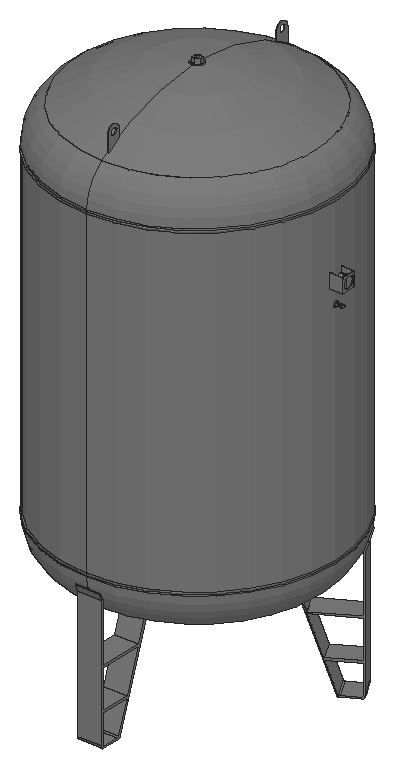
Revit family "MIT-4000-ET (Vertical)", category Specialty Equipment, Revit 2022
Family settings
  Round Connector Dimension = Use Diameter
  Part Type = Normal
  Work Plane-Based = No
  Always vertical = Yes
  Cut with Voids When Loaded = No
  Maintain Annotation Orientation = No
  Shared = No
  Room Calculation Point = No
Parameters
  URL = "https://en.ekinendustriyel.com/expansion-tanks"
  Test Pressure = 15.0 bar
  Production Standard = "TS EN 13831"
  Precharge Pressure = 4.0 bar
  Operating Pressure = 10.0 bar
  Model = "MIT-4000-ET_(Vertical)"
  Manufacturer = "Ekin Endüstriyel"
  Keynote = "Expension Tank"
  Description = "MIT-Expension Tank"
  Default Elevation = 0 mm
Reference planes
  plane 1 "Center (Front/Back)": y = 0
  plane 2: z = 0
  plane 3 "Center (Left/Right)": x = 0
Forms (mm)
  Revolve 1, solid, material "Ekin Endustriyel-S235JR", detail levels medium+fine
    sketch origin (0, -5374.015, 98.319) x (0, 1, 0) y (0, 0, 1)
      loop
        line (5374.015, 319.254) -> (5466.97, 319.254)
        arc (5466.97, 319.254) -> (5494.028, 327.937) -> (5516.946, 344.74) r 88.604
        arc (5516.946, 344.74) -> (5778.496, 409.027) -> (6018.966, 530.336) r 1193.216
        arc (6018.966, 530.336) -> (6096.091, 614.319) -> (6124.038, 724.865) r 232.61
        line (6124.038, 724.865) -> (6124.038, 733.527)
        arc (6124.038, 733.527) -> (6127.652, 739.16) -> (6124.038, 744.792) r 6.196
        line (6124.038, 744.792) -> (6124.038, 2492.579)
        arc (6124.038, 2492.579) -> (6127.692, 2498.214) -> (6124.015, 2503.834) r 6.153
        line (6124.015, 2503.834) -> (6124.015, 2513.085)
        arc (6124.015, 2513.085) -> (6096.919, 2621.39) -> (6022.016, 2704.177) r 230
        arc (6022.016, 2704.177) -> (5729.719, 2845.891) -> (5409.781, 2902.102) r 1174.284
        line (5409.781, 2902.102) -> (5374.015, 2902.102) -> (5374.015, 2897.102) -> (5409.693, 2897.102)
        arc (5409.693, 2897.102) -> (5728.223, 2841.12) -> (6019.233, 2700.022) r 1169.284
        arc (6019.233, 2700.022) -> (6092.508, 2619.036) -> (6119.015, 2513.085) r 225
        line (6119.015, 2513.085) -> (6119.038, 724.865)
        arc (6119.038, 724.865) -> (6091.692, 616.695) -> (6016.224, 534.517) r 227.61
        arc (6016.224, 534.517) -> (5775.939, 413.412) -> (5514.567, 349.477) r 1188.216
        arc (5514.567, 349.477) -> (5492.679, 332.869) -> (5466.59, 324.254) r 83.604
        line (5466.59, 324.254) -> (5374.015, 324.254) -> (5374.015, 319.254)
      axis (5374.015, 319.254) -> (5374.015, 2902.102)
    angle from 0 to 360
  Extrusion 2, solid, material "Ekin Endustriyel-S235JR", detail levels coarse
    sketch origin (11621.66, -11048.976, 122.286) x (0, 1, 0) y (-1, 0, 0)
      loop
        circle (11048.976, 11621.66) r 755
    from 294.12 to 2878.136
  Extrusion 3, solid, material "Ekin Endustriyel-S235JR", detail levels fine
    sketch origin (2829.671, -4386.055, 414.431) x (0, 1, 0) y (0, 0, 1)
      loop
        line (4993.327, 2414.172) -> (4993.327, 2499.448)
        arc (4993.327, 2499.448) -> (4958.327, 2534.448) -> (4923.327, 2499.448) r 35
        line (4923.327, 2499.448) -> (4923.327, 2453.619)
        arc (4923.327, 2453.619) -> (4958.74, 2434.628) -> (4993.327, 2414.172) r 959.948
      loop
        circle (4958.327, 2499.448) r 20
      loop
        arc (3778.782, 2414.172) -> (3813.369, 2434.628) -> (3848.782, 2453.619) r 959.948
        line (3848.782, 2453.619) -> (3848.782, 2499.448)
        arc (3848.782, 2499.448) -> (3813.782, 2534.448) -> (3778.782, 2499.448) r 35
        line (3778.782, 2499.448) -> (3778.782, 2414.172)
      loop
        circle (3813.782, 2499.448) r 20
    from -2832.171 to -2827.171
  Extrusion 4, solid, material "Ekin Endustriyel-S235JR", detail levels medium+fine
    sketch origin (2.097, -50.747, 0) x (-0.866025, 0.5, 0) y (0, 0, 1)
      loop
        line (757.19, 725) -> (774.095, 761.252) -> (768.657, 763.788) -> (751.19, 726.33) -> (751.19, 402) -> (505.116, 402) -> (466.188, 515.056)
        arc (466.188, 515.056) -> (463.145, 518.495) -> (458.561, 518.776) r 6
        line (458.561, 518.776) -> (430.196, 509.009) -> (432.149, 503.336) -> (454.841, 511.149)
        arc (454.841, 511.149) -> (459.425, 510.869) -> (462.468, 507.43) r 6
        line (462.468, 507.43) -> (633.707, 10.116)
        arc (633.707, 10.116) -> (639.179, 2.788) -> (647.889, 0) r 15
        line (647.889, 0) -> (742.19, 0)
        arc (742.19, 0) -> (752.797, 4.393) -> (757.19, 15) r 15
        line (757.19, 15) -> (757.19, 725)
      loop
        arc (742.19, 6) -> (748.554, 8.636) -> (751.19, 15) r 9
        line (751.19, 15) -> (751.19, 176) -> (582.934, 176) -> (639.38, 12.07)
        arc (639.38, 12.07) -> (642.663, 7.673) -> (647.889, 6) r 9
        line (647.889, 6) -> (742.19, 6)
      loop
        line (507.182, 396) -> (580.524, 183) -> (751.19, 183) -> (751.19, 396) -> (507.182, 396)
    from -22.1 to 107.9
  Extrusion 5, solid, material "Ekin Endustriyel-S235JR", detail levels medium+fine
    sketch origin (2.097, -50.747, 0) x (0, -1, 0) y (0, 0, 1)
      loop
        line (696.158, 761.252) -> (690.72, 763.788) -> (673.253, 726.33) -> (673.253, 402) -> (427.179, 402) -> (388.251, 515.056)
        arc (388.251, 515.056) -> (385.208, 518.495) -> (380.624, 518.776) r 6
        line (380.624, 518.776) -> (352.259, 509.009) -> (354.212, 503.336) -> (376.904, 511.149)
        arc (376.904, 511.149) -> (381.488, 510.869) -> (384.531, 507.43) r 6
        line (384.531, 507.43) -> (555.77, 10.116)
        arc (555.77, 10.116) -> (561.242, 2.788) -> (569.952, 0) r 15
        line (569.952, 0) -> (664.253, 0)
        arc (664.253, 0) -> (674.86, 4.393) -> (679.253, 15) r 15
        line (679.253, 15) -> (679.253, 725) -> (696.158, 761.252)
      loop
        arc (664.253, 6) -> (670.617, 8.636) -> (673.253, 15) r 9
        line (673.253, 15) -> (673.253, 176) -> (504.997, 176) -> (561.443, 12.07)
        arc (561.443, 12.07) -> (564.726, 7.673) -> (569.952, 6) r 9
        line (569.952, 6) -> (664.253, 6)
      loop
        line (429.245, 396) -> (502.587, 183) -> (673.253, 183) -> (673.253, 396) -> (429.245, 396)
    from -62.903 to 67.097
  Extrusion 6, solid, material "Ekin Endustriyel-S235JR", detail levels medium+fine
    sketch origin (2.097, -50.747, 0) x (0.866025, 0.5, 0) y (0, 0, 1)
      loop
        line (770.462, 761.252) -> (765.024, 763.788) -> (747.557, 726.33) -> (747.557, 402) -> (501.483, 402) -> (462.555, 515.056)
        arc (462.555, 515.056) -> (459.512, 518.495) -> (454.928, 518.776) r 6
        line (454.928, 518.776) -> (426.563, 509.009) -> (428.516, 503.336) -> (451.209, 511.149)
        arc (451.209, 511.149) -> (455.792, 510.869) -> (458.835, 507.43) r 6
        line (458.835, 507.43) -> (630.074, 10.116)
        arc (630.074, 10.116) -> (635.546, 2.788) -> (644.256, 0) r 15
        line (644.256, 0) -> (738.557, 0)
        arc (738.557, 0) -> (749.164, 4.393) -> (753.557, 15) r 15
        line (753.557, 15) -> (753.557, 725) -> (770.462, 761.252)
      loop
        arc (738.557, 6) -> (744.921, 8.636) -> (747.557, 15) r 9
        line (747.557, 15) -> (747.557, 176) -> (579.301, 176) -> (635.747, 12.07)
        arc (635.747, 12.07) -> (639.03, 7.673) -> (644.256, 6) r 9
        line (644.256, 6) -> (738.557, 6)
      loop
        line (576.891, 183) -> (747.557, 183) -> (747.557, 396) -> (503.549, 396) -> (576.891, 183)
    from -109.997 to 20.003
  Extrusion 7, solid, material "Ekin Endustriyel-S235JR", detail levels coarse
    sketch origin (2.097, -50.747, 0) x (-0.866025, 0.5, 0) y (0, 0, 1)
      loop
        line (757.19, 416.406) -> (493.81, 416.406) -> (633.707, 10.116)
        arc (633.707, 10.116) -> (639.179, 2.788) -> (647.889, 0) r 15
        line (647.889, 0) -> (742.19, 0)
        arc (742.19, 0) -> (752.797, 4.393) -> (757.19, 15) r 15
        line (757.19, 15) -> (757.19, 416.406)
    from -22.1 to 107.9
  Extrusion 8, solid, material "Ekin Endustriyel-S235JR", detail levels coarse
    sketch origin (2.097, -50.747, 0) x (0, -1, 0) y (0, 0, 1)
      loop
        line (679.253, 416.406) -> (415.873, 416.406) -> (555.77, 10.116)
        arc (555.77, 10.116) -> (561.242, 2.788) -> (569.952, 0) r 15
        line (569.952, 0) -> (664.253, 0)
        arc (664.253, 0) -> (674.86, 4.393) -> (679.253, 15) r 15
        line (679.253, 15) -> (679.253, 416.406)
    from -62.903 to 67.097
  Extrusion 9, solid, material "Ekin Endustriyel-S235JR", detail levels coarse
    sketch origin (2.097, -50.747, 0) x (0.866025, 0.5, 0) y (0, 0, 1)
      loop
        line (753.557, 416.406) -> (490.177, 416.406) -> (630.074, 10.116)
        arc (630.074, 10.116) -> (635.546, 2.788) -> (644.256, 0) r 15
        line (644.256, 0) -> (738.557, 0)
        arc (738.557, 0) -> (749.164, 4.393) -> (753.557, 15) r 15
        line (753.557, 15) -> (753.557, 416.406)
    from -109.997 to 20.003
  Extrusion 10, solid, material "Ekin Endustriyel-S235JR", detail levels coarse
    sketch origin (522.14, -0.358, 1412) x (1, 0, 0) y (0, 1, 0)
      loop
        line (226.508, -39.142) -> (298.922, -39.142) -> (298.922, 39.858) -> (226.683, 39.858)
        arc (226.683, 39.858) -> (229.034, 19.99) -> (229.819, 0) r 254.819
        arc (229.819, 0) -> (228.99, -19.641) -> (226.508, -39.142) r 233
    from 767.5 to 842.5
  Extrusion 11, solid, material "Ekin Endustriyel-S235JR", detail levels medium+fine
    sketch origin (522.14, -0.358, 1412) x (1, 0, 0) y (0, 1, 0)
      loop
        line (296.322, 39.858) -> (226.683, 39.858)
        arc (226.683, 39.858) -> (226.839, 38.858) -> (226.992, 37.858) r 254.819
        line (226.992, 37.858) -> (296.322, 37.858)
        arc (296.322, 37.858) -> (296.747, 37.682) -> (296.922, 37.258) r 0.6
        line (296.922, 37.258) -> (296.922, -36.542)
        arc (296.922, -36.542) -> (296.747, -36.967) -> (296.322, -37.142) r 0.6
        line (296.322, -37.142) -> (227.098, -37.142)
        arc (227.098, -37.142) -> (226.949, -38.143) -> (226.795, -39.142) r 254.819
        line (226.795, -39.142) -> (296.322, -39.142)
        arc (296.322, -39.142) -> (298.161, -38.381) -> (298.922, -36.542) r 2.6
        line (298.922, -36.542) -> (298.922, 37.258)
        arc (298.922, 37.258) -> (298.161, 39.096) -> (296.322, 39.858) r 2.6
    from 767.5 to 842.5
  Extrusion 12, void
    sketch origin (821.062, -36.9, 1412) x (0, 1, 0) y (0, 0, 1)
      loop
        circle (36.9, 805) r 32.5
    from -2 to 0
  Revolve 13, solid, material "Ekin Endustriyel-S235JR", detail levels fine
    sketch origin (522.14, -0.358, 1412) x (1, 0, 0) y (0, 0, 1)
      loop
        line (230, 811.5) -> (230, 805) -> (288.499, 805) -> (288.499, 837.415) -> (283.499, 837.415) -> (283.499, 835.016) -> (279.483, 835.016)
        arc (279.483, 835.016) -> (278.774, 834.723) -> (278.48, 834.013) r 1.003
        line (278.48, 834.013) -> (253.48, 834.013) -> (253.48, 815.002) -> (252.5, 815.002)
        arc (252.5, 815.002) -> (252.139, 814.657) -> (252, 814.178) r 0.964
        line (252, 814.178) -> (252, 812.305) -> (245, 812.305) -> (245, 811.5) -> (230, 811.5)
      axis (230, 805) -> (288.499, 805)
    angle from 0 to 360
  Revolve 14, solid, material "Ekin Endustriyel-S235JR", detail levels fine
    sketch origin (520.234, -0.358, 1284.504) x (1, 0, 0) y (0, 0, 1)
      loop
        line (229.96, 805) -> (275.561, 805)
        arc (275.561, 805) -> (274.758, 808.458) -> (272.513, 811.208) r 7.847
        line (272.513, 811.208) -> (261.504, 811.208) -> (261.504, 812.005) -> (260.479, 812.005) -> (260.479, 810.108) -> (259.639, 809.269) -> (258.962, 809.946) -> (258.285, 809.269) -> (257.608, 809.946) -> (256.931, 809.269) -> (256.254, 809.946) -> (255.577, 809.269) -> (254.899, 809.946) -> (254.222, 809.269) -> (253.545, 809.946) -> (252.868, 809.269) -> (252.191, 809.946) -> (251.514, 809.269) -> (250.837, 809.946) -> (250.16, 809.269) -> (249.483, 809.946) -> (248.806, 809.269) -> (248.128, 809.946) -> (247.451, 809.269) -> (246.774, 809.946) -> (246.097, 809.269) -> (245.42, 809.946) -> (244.743, 809.269) -> (244.066, 809.946) -> (243.389, 809.269) -> (242.712, 809.946) -> (242.035, 809.269) -> (241.357, 809.946) -> (240.68, 809.269) -> (240.003, 809.946) -> (239.326, 809.269) -> (238.649, 809.946) -> (237.972, 809.269) -> (237.295, 809.946) -> (236.618, 809.269) -> (235.941, 809.946) -> (235.264, 809.269) -> (234.586, 809.946) -> (233.909, 809.269) -> (233.232, 809.946) -> (232.555, 809.269) -> (232.001, 809.823) -> (232.001, 814.435) -> (232.001, 819.99) -> (229.96, 819.99) -> (229.96, 805)
      axis (229.96, 805) -> (275.561, 805)
    angle from 0 to 360
  Extrusion 15, solid, material "Ekin Endustriyel-S235JR", detail levels fine
    sketch origin (520.234, -0.358, 1366.3) x (0, 1, 0) y (0, 0, 1)
      loop
        line (0.348, 732.628) -> (-7.805, 727.921) -> (-7.805, 718.507) -> (0.348, 713.8) -> (8.5, 718.507) -> (8.5, 727.921) -> (0.348, 732.628)
    from 232.001 to 240.003
  Extrusion 16, solid, material "Ekin Endustriyel-S235JR", detail levels coarse
    sketch origin (-663.114, -426.277, 412.521) x (1, 0, 0) y (0, 1, 0)
      loop
        circle (663.114, 426.277) r 190
    from -23.5 to -13.542
  Revolve 17, solid, material "Ekin Endustriyel-S235JR", detail levels fine
    sketch origin (1884.269, 0.217, 354.043) x (1, 0, 0) y (0, 0, 1)
      loop
        line (-1925.269, -28.022) -> (-1923.269, -30.022) -> (-1920.624, -30.022) -> (-1921.182, -29.464) -> (-1919.272, -27.744) -> (-1921.157, -25.986) -> (-1919.272, -24.228) -> (-1921.182, -22.508) -> (-1919.272, -20.788) -> (-1921.157, -19.029) -> (-1919.272, -17.271) -> (-1921.182, -15.551) -> (-1919.272, -13.831) -> (-1921.157, -12.073) -> (-1919.272, -10.315) -> (-1921.182, -8.595) -> (-1919.272, -6.875) -> (-1921.157, -5.117) -> (-1919.272, -3.358) -> (-1921.182, -1.638) -> (-1919.272, 0.082) -> (-1921.157, 1.84) -> (-1919.272, 3.598) -> (-1921.182, 5.318) -> (-1919.272, 7.038) -> (-1921.157, 8.796) -> (-1919.272, 10.554) -> (-1921.182, 12.274) -> (-1919.272, 13.994) -> (-1921.157, 15.753) -> (-1919.272, 17.511) -> (-1921.182, 19.231) -> (-1919.272, 20.951) -> (-1921.157, 22.709) -> (-1919.272, 24.467) -> (-1921.182, 26.187) -> (-1919.272, 27.907) -> (-1921.157, 29.665) -> (-1919.272, 31.424) -> (-1921.182, 33.144) -> (-1919.145, 34.978) -> (-1925.269, 34.978) -> (-1925.269, -28.022)
      axis (-1884.269, 34.978) -> (-1884.269, -30.022)
    angle from 0 to 360
  Extrusion 18, solid, material "Ekin Endustriyel-S235JR", detail levels fine
    sketch origin (-672.202, -409.557, 418.671) x (1, 0, 0) y (0, 1, 0)
      loop
        circle (672.202, 587.206) r 7
      loop
        circle (672.202, 231.907) r 7
      loop
        circle (849.852, 409.557) r 7
      loop
        circle (494.553, 409.557) r 7
      loop
        circle (797.82, 535.174) r 7
      loop
        circle (546.585, 283.94) r 7
      loop
        circle (797.82, 283.94) r 7
      loop
        circle (546.585, 535.174) r 7
    from 0.262 to -29.241
  Extrusion 19, solid, material "Ekin Endustriyel-S235JR", detail levels medium
    sketch origin (1329.894, -1405.14, 324.118) x (0, 1, 0) y (1, 0, 0)
      loop
        circle (1405.14, -1329.894) r 41
      loop
        circle (1405.14, -1329.894) r 36.894
    from 0.097 to -64.903
  Extrusion 20, solid, material "Ekin Endustriyel-S235JR", detail levels coarse
    sketch origin (1330.207, -1405.14, 324.118) x (0, 1, 0) y (1, 0, 0)
      loop
        arc (1364.14, -1330.207) -> (1384.309, -1365.521) -> (1424.973, -1366.091) r 41
        arc (1424.973, -1366.091) -> (1425.971, -1294.893) -> (1364.14, -1330.207) r 41
    from -64.903 to 0.097
  Extrusion 21, solid, material "Ekin Endustriyel-S235JR", detail levels medium+fine
    sketch origin (-663.114, -1231.277, 453.566) x (0, 1, 0) y (1, 0, 0)
      loop
        circle (1231.277, 663.114) r 190
      loop
        circle (1408.926, 663.114) r 7
      loop
        circle (1053.627, 663.114) r 7
      loop
        circle (1231.277, 840.763) r 7
      loop
        circle (1231.277, 485.464) r 7
      loop
        circle (1356.894, 788.731) r 7
      loop
        circle (1105.66, 537.497) r 7
      loop
        circle (1105.66, 788.731) r 7
      loop
        circle (1356.894, 537.497) r 7
    from 46.54 to 41.54
  Extrusion 22, solid, material "Ekin Endustriyel-S235JR", detail levels medium+fine
    sketch origin (3869.838, -4745.781, 3003.241) x (0, 1, 0) y (-1, 0, 0)
      loop
        circle (4745.469, 3869.844) r 11
      loop
        line (4730.56, 3886.032) -> (4723.995, 3865.027) -> (4738.903, 3848.838) -> (4760.377, 3853.655) -> (4766.943, 3874.661) -> (4752.034, 3890.849) -> (4730.56, 3886.032)
    from 0.181 to 23
  Extrusion 23, solid, material "Ekin Endustriyel-S235JR", detail levels coarse
    sketch origin (3869.838, -4745.781, 3003.241) x (0, 1, 0) y (-1, 0, 0)
      loop
        line (4730.56, 3886.032) -> (4723.995, 3865.027) -> (4738.903, 3848.838) -> (4760.377, 3853.655) -> (4766.943, 3874.661) -> (4752.034, 3890.849) -> (4730.56, 3886.032)
    from -2.819 to 23
  Extrusion 24, solid, material "Ekin Endustriyel-S235JR", detail levels medium+fine
    sketch origin (3869.838, -4745.781, 3003.241) x (0, 1, 0) y (-1, 0, 0)
      loop
        circle (4745.827, 3869.844) r 32.5
    from -2.819 to 0.181
  Extrusion 25, solid, material "Ekin Endustriyel-S235JR", detail levels coarse
    sketch origin (-663.114, -426.277, 423.582) x (1, 0, 0) y (0, 1, 0)
      loop
        circle (663.114, 426.277) r 190
    from -16.556 to -11.556
  Extrusion 26, solid, material "Ekin Endustriyel-S235JR", detail levels medium+fine
    sketch origin (-663.114, -1231.277, 393.657) x (0, 1, 0) y (1, 0, 0)
      loop
        circle (1231.277, 663.114) r 190
      loop
        circle (1408.926, 663.114) r 7
      loop
        circle (1053.627, 663.114) r 7
      loop
        circle (1231.277, 840.763) r 7
      loop
        circle (1231.277, 485.464) r 7
      loop
        circle (1356.894, 788.731) r 7
      loop
        circle (1105.66, 537.497) r 7
      loop
        circle (1105.66, 788.731) r 7
      loop
        circle (1356.894, 537.497) r 7
    from -12.864 to -22.749
  Extrusion 27, solid, material "Ekin Endustriyel-S235JR", detail levels fine
    sketch origin (-456.831, -583.175, 456.163) x (-0.339703, 0.940533, 0) y (0.940533, 0.339703, 0)
      loop
        line (457.082, 474.836) -> (443.211, 470.842) -> (439.734, 456.833) -> (450.128, 446.817) -> (463.999, 450.81) -> (467.476, 464.82) -> (457.082, 474.836)
      loop
        line (344.637, 786.161) -> (346.232, 800.507) -> (334.605, 809.062) -> (321.384, 803.269) -> (319.789, 788.923) -> (331.416, 780.369) -> (344.637, 786.161)
      loop
        line (240.373, 563.996) -> (236.379, 577.867) -> (222.37, 581.345) -> (212.354, 570.951) -> (216.347, 557.08) -> (230.356, 553.602) -> (240.373, 563.996)
      loop
        line (551.698, 676.441) -> (566.044, 674.847) -> (574.598, 686.474) -> (568.806, 699.695) -> (554.46, 701.29) -> (545.906, 689.663) -> (551.698, 676.441)
      loop
        line (240.071, 690.817) -> (247.056, 703.449) -> (239.608, 715.814) -> (225.176, 715.547) -> (218.191, 702.915) -> (225.639, 690.55) -> (240.071, 690.817)
      loop
        line (539.722, 550.187) -> (548.739, 538.915) -> (563.009, 541.088) -> (568.262, 554.533) -> (559.245, 565.805) -> (544.975, 563.632) -> (539.722, 550.187)
      loop
        line (330.262, 474.534) -> (317.63, 481.519) -> (305.265, 474.071) -> (305.532, 459.639) -> (318.164, 452.654) -> (330.529, 460.102) -> (330.262, 474.534)
      loop
        line (470.891, 774.185) -> (482.163, 783.202) -> (479.991, 797.472) -> (466.546, 802.725) -> (455.274, 793.708) -> (457.447, 779.438) -> (470.891, 774.185)
    from 67.142 to 74.733
Cuts and joins
  Extrusion 12 cuts Extrusion 11
Dimensions and locks
  aligned and locked: level to plane 2
Connectors
  piping at (0, 0, 324.021), diameter 25.4
    settings: on Extrusion 19, index 3, connector inside diameter 609.6 mm, connector length 0 mm, flow factor 0, pipe flow 0.0 L/s, pressure drop 0.0 Pa, fitting loss kfactor 0, connector angle 0.00°, fixture units 0, engagement length 0 mm, angle of deflection 0.00°, flow configuration 0, flow direction 0, fitting loss method 0, system type 7, joint type 0, gender type 0, connector reference index -1, connector utility 0, adjustable connector no, is connector primary yes, connector description ""
